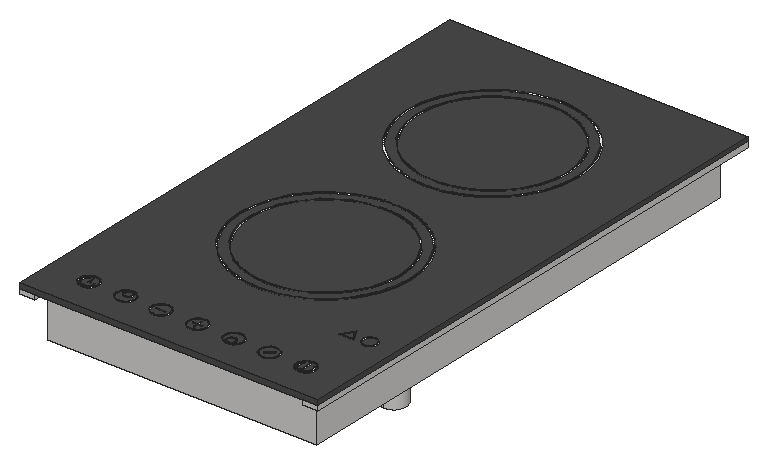
Revit family "QF_Summit_CR2B15T1B_Electric Cooktop", category Specialty Equipment, Revit 2020
Family settings
  Round Connector Dimension = Use Diameter
  Part Type = Normal
  Work Plane-Based = No
  Always vertical = Yes
  Cut with Voids When Loaded = No
  Shared = No
  Room Calculation Point = No
Parameters
  Weight in Pounds = 10
  Watts = Volts * FL Amps  # 2875 W
  Volts = 115 V
  URL Cutsheet = ""
  Specification by User = ""
  Specification by Manufacturer = ""
  Serial Number = ""
  Seismic Rating = ""
  SMACNA No = ""
  Revision Code = ""
  Phase = 1
  Number of Poles = 1
  NAFEM Spec ID Number = ""
  Model = "CR2B15T1B"
  Min Ckt Ampacity = 0 A
  Max Overcurrent Protection = 0 A
  Masterspec = ""
  Manufacturer = "Summit"
  Length = 11 3/8"
  Item Number = ""
  Installed By = ""
  Identify Quantity as Lot = yes
  Height = 2"
  HP = ""
  Furnished By = ""
  Foodservice Equipment Identifier = yes
  FL Amps = 25 A
  Electrical Remarks = ""
  Electric Connection Type = ""
  Elec Conn RI Height = 0"
  Elec Conn Connection Height = 0"
  Description = "Electric Cooktop"
  Depth = 20 1/2"
  Default Elevation = 0"
  Cycle = 60 Hz
  Conn Plug = ""
  Conn Conduit = yes
  CSI MasterFormat = ""
  Apparent Power = if(Phase = 3, Volts * FL Amps * 1.73, Volts * FL Amps)  # 2875 VA
Reference planes (in)
  plane 1 "BACK": y = 0
  plane 2: z = 0
  plane 3 "LEFT": x = 0
  plane 4 "RIGHT": x = 11.375
  plane 5 "FRONT": y = -20.5
  plane 6 "TOP": z = 2
  plane 7 "Center Y": x = 5.6875
  plane 8 "Center X": y = -10.25
  plane 9: z = 1.8125
  plane 10: x = 0.5625
  plane 11: x = 10.8125
  plane 12: y = -19.875
  plane 13: y = -0.625
  plane 14: z = 1.625
Forms (in)
  Extrusion 1, solid, material "QF_Plastic_Black_Smooth"
    sketch origin (-38.39759, -180, 2) x (-1, 0, 0) y (0, -1, 0)
      loop
        line (-38.39759, -180) -> (-38.39759, -159.5) -> (-49.77259, -159.5) -> (-49.77259, -180) -> (-38.39759, -180)
      loop
        circle (-44.08509, -174.93471) r 3.28067
      loop
        circle (-44.08509, -174.93471) r 3.21817
      loop
        circle (-44.08509, -174.93471) r 2.89026
      loop
        circle (-44.08509, -174.93471) r 2.82776
      loop
        circle (-44.08509, -166.96596) r 3.28067
      loop
        circle (-44.08509, -166.96596) r 3.21817
      loop
        circle (-44.08509, -166.96596) r 2.89026
      loop
        circle (-44.08509, -166.96596) r 2.82776
      loop
        circle (-44.08509, -160.86591) r 0.36159
      loop
        circle (-44.08509, -160.86591) r 0.33034
      loop
        circle (-45.47857, -160.86591) r 0.36159
      loop
        circle (-45.47857, -160.86591) r 0.33034
      loop
        circle (-46.82517, -160.86591) r 0.36159
      loop
        circle (-46.82517, -160.86591) r 0.33034
      loop
        circle (-48.22645, -160.86591) r 0.36159
      loop
        circle (-48.22645, -160.86591) r 0.33034
      loop
        circle (-42.69162, -160.86591) r 0.36159
      loop
        circle (-42.69162, -160.86591) r 0.33034
      loop
        circle (-41.34502, -160.86591) r 0.36159
      loop
        circle (-41.34502, -160.86591) r 0.33034
      loop
        circle (-39.94373, -160.86591) r 0.36159
      loop
        circle (-39.94373, -160.86591) r 0.33034
      loop
        circle (-45.47857, -160.73017) r 0.17645
      loop
        circle (-45.47857, -160.73017) r 0.1452
      loop
        circle (-41.34502, -161.00166) r 0.17645
      loop
        circle (-41.34502, -161.00166) r 0.1452
      loop
        arc (-39.81136, -161.11547) -> (-39.75631, -160.65455) -> (-40.20734, -160.76436) r 0.28249
        line (-40.20734, -160.76436) -> (-40.17818, -160.77559)
        arc (-40.17818, -160.77559) -> (-39.77705, -160.67793) -> (-39.826, -161.08787) r 0.25124
        line (-39.826, -161.08787) -> (-39.81136, -161.11547)
      loop
        line (-39.94373, -161.08507) -> (-39.91306, -160.83524) -> (-40.16289, -160.86591) -> (-39.9677, -160.88988) -> (-39.94373, -161.08507)
      loop
        line (-43.90665, -160.88154) -> (-43.90665, -160.85029) -> (-44.06947, -160.85029) -> (-44.06947, -160.68748) -> (-44.10072, -160.68748) -> (-44.10072, -160.85029) -> (-44.26353, -160.85029) -> (-44.26353, -160.88154) -> (-44.10072, -160.88154) -> (-44.10072, -161.04435) -> (-44.06947, -161.04435) -> (-44.06947, -160.88154) -> (-43.90665, -160.88154)
      loop
        line (-42.51318, -160.88154) -> (-42.51318, -160.85029) -> (-42.87006, -160.85029) -> (-42.87006, -160.88154) -> (-42.51318, -160.88154)
      loop
        line (-46.67843, -160.76319) -> (-46.69852, -160.73925) -> (-46.9719, -160.96864) -> (-46.95181, -160.99258) -> (-46.67843, -160.76319)
      loop
        arc (-48.01372, -161.04261) -> (-48.22645, -160.58938) -> (-48.43918, -161.04261) r 0.27654
        line (-48.43918, -161.04261) -> (-48.41514, -161.02264)
        arc (-48.41514, -161.02264) -> (-48.22645, -160.62063) -> (-48.03776, -161.02264) r 0.24529
        line (-48.03776, -161.02264) -> (-48.01372, -161.04261)
      loop
        line (-48.21083, -161.07951) -> (-48.21083, -160.68748) -> (-48.24208, -160.68748) -> (-48.24208, -161.07951) -> (-48.21083, -161.07951)
      loop
        line (-48.02427, -163.51509) -> (-47.73953, -163.03102) -> (-48.30902, -163.03102) -> (-48.02427, -163.51509)
      loop
        line (-47.79416, -163.06227) -> (-48.25438, -163.06227) -> (-48.02427, -163.45345) -> (-47.79416, -163.06227)
      loop
        circle (-48.76646, -163.23739) r 0.2782
      loop
        circle (-48.76646, -163.23739) r 0.24695
    from 0 to -0.1875
  Extrusion 2, solid, material "QF_Plastic_White_Smooth"
    sketch origin (-38.14759, -180, 2) x (-1, 0, 0) y (0, -1, 0)
      loop
        circle (-43.83509, -174.93471) r 3.28067
      loop
        circle (-43.83509, -174.93471) r 3.21817
      loop
        circle (-43.83509, -174.93471) r 2.89026
      loop
        circle (-43.83509, -174.93471) r 2.82776
      loop
        circle (-43.83509, -166.96596) r 3.28067
      loop
        circle (-43.83509, -166.96596) r 3.21817
      loop
        circle (-43.83509, -166.96596) r 2.89026
      loop
        circle (-43.83509, -166.96596) r 2.82776
      loop
        circle (-39.69373, -160.86591) r 0.36159
      loop
        circle (-39.69373, -160.86591) r 0.33034
      loop
        line (-39.95734, -160.76436) -> (-39.92818, -160.77559)
        arc (-39.92818, -160.77559) -> (-39.52705, -160.67793) -> (-39.576, -161.08787) r 0.25124
        line (-39.576, -161.08787) -> (-39.56136, -161.11547)
        arc (-39.56136, -161.11547) -> (-39.50631, -160.65455) -> (-39.95734, -160.76436) r 0.28249
      loop
        line (-39.66306, -160.83524) -> (-39.91289, -160.86591) -> (-39.7177, -160.88988) -> (-39.69373, -161.08507) -> (-39.66306, -160.83524)
      loop
        circle (-41.09502, -160.86591) r 0.36159
      loop
        circle (-41.09502, -160.86591) r 0.33034
      loop
        circle (-41.09502, -161.00166) r 0.17645
      loop
        circle (-41.09502, -161.00166) r 0.1452
      loop
        circle (-42.44162, -160.86591) r 0.36159
      loop
        circle (-42.44162, -160.86591) r 0.33034
      loop
        line (-42.26318, -160.88154) -> (-42.26318, -160.85029) -> (-42.62006, -160.85029) -> (-42.62006, -160.88154) -> (-42.26318, -160.88154)
      loop
        circle (-43.83509, -160.86591) r 0.36159
      loop
        circle (-43.83509, -160.86591) r 0.33034
      loop
        line (-43.65665, -160.88154) -> (-43.65665, -160.85029) -> (-43.81947, -160.85029) -> (-43.81947, -160.68748) -> (-43.85072, -160.68748) -> (-43.85072, -160.85029) -> (-44.01353, -160.85029) -> (-44.01353, -160.88154) -> (-43.85072, -160.88154) -> (-43.85072, -161.04435) -> (-43.81947, -161.04435) -> (-43.81947, -160.88154) -> (-43.65665, -160.88154)
      loop
        circle (-45.22857, -160.86591) r 0.36159
      loop
        circle (-45.22857, -160.86591) r 0.33034
      loop
        circle (-45.22857, -160.73017) r 0.17645
      loop
        circle (-45.22857, -160.73017) r 0.1452
      loop
        circle (-46.57517, -160.86591) r 0.36159
      loop
        circle (-46.57517, -160.86591) r 0.33034
      loop
        line (-46.42843, -160.76319) -> (-46.44852, -160.73925) -> (-46.7219, -160.96864) -> (-46.70181, -160.99258) -> (-46.42843, -160.76319)
      loop
        circle (-47.97645, -160.86591) r 0.36159
      loop
        circle (-47.97645, -160.86591) r 0.33034
      loop
        line (-48.18918, -161.04261) -> (-48.16514, -161.02264)
        arc (-48.16514, -161.02264) -> (-47.97645, -160.62063) -> (-47.78776, -161.02264) r 0.24529
        line (-47.78776, -161.02264) -> (-47.76372, -161.04261)
        arc (-47.76372, -161.04261) -> (-47.97645, -160.58938) -> (-48.18918, -161.04261) r 0.27654
      loop
        line (-47.96083, -160.68748) -> (-47.99208, -160.68748) -> (-47.99208, -161.07951) -> (-47.96083, -161.07951) -> (-47.96083, -160.68748)
      loop
        line (-47.54416, -163.06227) -> (-48.00438, -163.06227) -> (-47.77427, -163.45345) -> (-47.54416, -163.06227)
      loop
        line (-47.77427, -163.51509) -> (-47.48953, -163.03102) -> (-48.05902, -163.03102) -> (-47.77427, -163.51509)
      loop
        circle (-48.51646, -163.23739) r 0.2782
      loop
        circle (-48.51646, -163.23739) r 0.24695
    from 0 to -0.1875
  Extrusion 3, solid, material "QF_Metal_Stainless_Polished"
    sketch origin (-2.73972, -180, 1.8125) x (-1, 0, 0) y (0, -1, 0)
      loop
        line (-3.30222, -159.5) -> (-3.30222, -180) -> (-2.73972, -180) -> (-2.73972, -159.5) -> (-3.30222, -159.5)
      loop
        line (-13.55222, -159.5) -> (-14.11472, -159.5) -> (-14.11472, -180) -> (-13.55222, -180) -> (-13.55222, -159.5)
    from 0 to -0.1875
  Extrusion 4, solid, material "QF_Metal_Stainless_Polished"
    sketch origin (0, 0, 0) x (1, 0, 0) y (0, 1, 0)
      loop
        line (0.5625, -0.625) -> (0.5625, -19.875) -> (10.8125, -19.875) -> (10.8125, -0.625) -> (0.5625, -0.625)
    from 0 to 1.8125
  Extrusion 5, solid, material "QF_Metal_Stainless_Polished"
    sketch origin (0, 0, 0) x (0, 1, 0) y (1, 0, 0)
      loop
        circle (-15.01182, 9.87628) r 0.46561
    from 0 to 1
Lines and regions (in)
  symbolic lines
    curve 1: line (0, 0, 0) -> (0, -20.5, 0)
    curve 2: line (0, -20.5, 0) -> (11.375, -20.5, 0)
    curve 3: line (11.375, -20.5, 0) -> (11.375, 0, 0)
    curve 4: line (11.375, 0, 0) -> (0, 0, 0)
    curve 5: arc (8.96817, -5.06529, 0) -> (5.6875, -1.78463, 0) -> (2.40683, -5.06529, 0) r 3.28067
    curve 6: arc (2.40683, -5.06529, 0) -> (5.6875, -8.34596, 0) -> (8.96817, -5.06529, 0) r 3.28067
    curve 7: arc (2.46933, -5.06529, 0) -> (5.6875, -1.84713, 0) -> (8.90567, -5.06529, 0) r 3.21817
    curve 8: arc (8.90567, -5.06529, 0) -> (5.6875, -8.28346, 0) -> (2.46933, -5.06529, 0) r 3.21817
    curve 9: arc (2.85974, -5.06529, 0) -> (5.6875, -2.23754, 0) -> (8.51526, -5.06529, 0) r 2.82776
    curve 10: arc (8.51526, -5.06529, 0) -> (5.6875, -7.89305, 0) -> (2.85974, -5.06529, 0) r 2.82776
    curve 11: arc (8.57776, -5.06529, 0) -> (5.6875, -2.17504, 0) -> (2.79724, -5.06529, 0) r 2.89026
    curve 12: arc (2.79724, -5.06529, 0) -> (5.6875, -7.95555, 0) -> (8.57776, -5.06529, 0) r 2.89026
    curve 13: arc (8.96817, -13.03404, 0) -> (5.6875, -9.75338, 0) -> (2.40683, -13.03404, 0) r 3.28067
    curve 14: arc (2.40683, -13.03404, 0) -> (5.6875, -16.31471, 0) -> (8.96817, -13.03404, 0) r 3.28067
    curve 15: arc (8.90567, -13.03404, 0) -> (5.6875, -9.81588, 0) -> (2.46933, -13.03404, 0) r 3.21817
    curve 16: arc (2.46933, -13.03404, 0) -> (5.6875, -16.25221, 0) -> (8.90567, -13.03404, 0) r 3.21817
    curve 17: arc (8.57776, -13.03404, 0) -> (5.6875, -10.14379, 0) -> (2.79724, -13.03404, 0) r 2.89026
    curve 18: arc (2.79724, -13.03404, 0) -> (5.6875, -15.9243, 0) -> (8.57776, -13.03404, 0) r 2.89026
    curve 19: arc (2.85974, -13.03404, 0) -> (5.6875, -10.20629, 0) -> (8.51526, -13.03404, 0) r 2.82776
    curve 20: arc (8.51526, -13.03404, 0) -> (5.6875, -15.8618, 0) -> (2.85974, -13.03404, 0) r 2.82776
    curve 21: arc (1.90773, -19.13409, 0) -> (1.54614, -18.7725, 0) -> (1.18455, -19.13409, 0) r 0.36159
    curve 22: arc (1.18455, -19.13409, 0) -> (1.54614, -19.49567, 0) -> (1.90773, -19.13409, 0) r 0.36159
    curve 23: arc (1.2158, -19.13409, 0) -> (1.54614, -18.80375, 0) -> (1.87648, -19.13409, 0) r 0.33034
    curve 24: arc (1.87648, -19.13409, 0) -> (1.54614, -19.46442, 0) -> (1.2158, -19.13409, 0) r 0.33034
    curve 25: arc (1.41377, -18.88453, 0) -> (1.35872, -19.34545, 0) -> (1.80975, -19.23564, 0) r 0.28249
    curve 26: line (1.80975, -19.23564, 0) -> (1.78059, -19.22441, 0)
    curve 27: arc (1.78059, -19.22441, 0) -> (1.37945, -19.32207, 0) -> (1.42841, -18.91213, 0) r 0.25124
    curve 28: line (1.42841, -18.91213, 0) -> (1.41377, -18.88453, 0)
    curve 29: line (1.54614, -18.91493, 0) -> (1.51546, -19.16476, 0)
    curve 30: line (1.51546, -19.16476, 0) -> (1.7653, -19.13409, 0)
    curve 31: line (1.7653, -19.13409, 0) -> (1.57011, -19.11012, 0)
    curve 32: line (1.57011, -19.11012, 0) -> (1.54614, -18.91493, 0)
    curve 33: arc (3.30902, -19.13409, 0) -> (2.94743, -18.7725, 0) -> (2.58584, -19.13409, 0) r 0.36159
    curve 34: arc (2.58584, -19.13409, 0) -> (2.94743, -19.49567, 0) -> (3.30902, -19.13409, 0) r 0.36159
    curve 35: arc (2.61709, -19.13409, 0) -> (2.94743, -18.80375, 0) -> (3.27777, -19.13409, 0) r 0.33034
    curve 36: arc (3.27777, -19.13409, 0) -> (2.94743, -19.46442, 0) -> (2.61709, -19.13409, 0) r 0.33034
    curve 37: arc (3.12387, -18.99834, 0) -> (2.94743, -18.82189, 0) -> (2.77098, -18.99834, 0) r 0.17645
    curve 38: arc (2.77098, -18.99834, 0) -> (2.94743, -19.17478, 0) -> (3.12387, -18.99834, 0) r 0.17645
    curve 39: arc (2.80223, -18.99834, 0) -> (2.94743, -18.85314, 0) -> (3.09262, -18.99834, 0) r 0.1452
    curve 40: arc (3.09262, -18.99834, 0) -> (2.94743, -19.14353, 0) -> (2.80223, -18.99834, 0) r 0.1452
    curve 41: arc (3.96369, -19.13409, 0) -> (4.29403, -18.80375, 0) -> (4.62437, -19.13409, 0) r 0.33034
    curve 42: arc (4.62437, -19.13409, 0) -> (4.29403, -19.46442, 0) -> (3.96369, -19.13409, 0) r 0.33034
    curve 43: arc (4.65562, -19.13409, 0) -> (4.29403, -18.7725, 0) -> (3.93244, -19.13409, 0) r 0.36159
    curve 44: arc (3.93244, -19.13409, 0) -> (4.29403, -19.49567, 0) -> (4.65562, -19.13409, 0) r 0.36159
    curve 45: line (4.47247, -19.11846, 0) -> (4.11559, -19.11846, 0)
    curve 46: line (4.11559, -19.11846, 0) -> (4.11559, -19.14971, 0)
    curve 47: line (4.11559, -19.14971, 0) -> (4.47247, -19.14971, 0)
    curve 48: line (4.47247, -19.14971, 0) -> (4.47247, -19.11846, 0)
    curve 49: arc (6.04909, -19.13409, 0) -> (5.6875, -18.7725, 0) -> (5.32591, -19.13409, 0) r 0.36159
    curve 50: arc (5.32591, -19.13409, 0) -> (5.6875, -19.49567, 0) -> (6.04909, -19.13409, 0) r 0.36159
    curve 51: arc (5.35716, -19.13409, 0) -> (5.6875, -18.80375, 0) -> (6.01784, -19.13409, 0) r 0.33034
    curve 52: arc (6.01784, -19.13409, 0) -> (5.6875, -19.46442, 0) -> (5.35716, -19.13409, 0) r 0.33034
    curve 53: line (5.67187, -19.11846, 0) -> (5.50906, -19.11846, 0)
    curve 54: line (5.50906, -19.11846, 0) -> (5.50906, -19.14971, 0)
    curve 55: line (5.50906, -19.14971, 0) -> (5.67187, -19.14971, 0)
    curve 56: line (5.67187, -19.14971, 0) -> (5.67187, -19.31252, 0)
    curve 57: line (5.67187, -19.31252, 0) -> (5.70312, -19.31252, 0)
    curve 58: line (5.70312, -19.31252, 0) -> (5.70312, -19.14971, 0)
    curve 59: line (5.70312, -19.14971, 0) -> (5.86594, -19.14971, 0)
    curve 60: line (5.86594, -19.14971, 0) -> (5.86594, -19.11846, 0)
    curve 61: line (5.86594, -19.11846, 0) -> (5.70312, -19.11846, 0)
    curve 62: line (5.70312, -19.11846, 0) -> (5.70312, -18.95565, 0)
    curve 63: line (5.70312, -18.95565, 0) -> (5.67187, -18.95565, 0)
    curve 64: line (5.67187, -18.95565, 0) -> (5.67187, -19.11846, 0)
    curve 65: arc (7.25742, -19.26983, 0) -> (7.08097, -19.09339, 0) -> (6.90453, -19.26983, 0) r 0.17645
    curve 66: arc (6.90453, -19.26983, 0) -> (7.08097, -19.44628, 0) -> (7.25742, -19.26983, 0) r 0.17645
    curve 67: arc (6.93578, -19.26983, 0) -> (7.08097, -19.12464, 0) -> (7.22617, -19.26983, 0) r 0.1452
    curve 68: arc (7.22617, -19.26983, 0) -> (7.08097, -19.41503, 0) -> (6.93578, -19.26983, 0) r 0.1452
    curve 69: arc (6.75063, -19.13409, 0) -> (7.08097, -18.80375, 0) -> (7.41131, -19.13409, 0) r 0.33034
    curve 70: arc (7.41131, -19.13409, 0) -> (7.08097, -19.46442, 0) -> (6.75063, -19.13409, 0) r 0.33034
    curve 71: arc (7.44256, -19.13409, 0) -> (7.08097, -18.7725, 0) -> (6.71938, -19.13409, 0) r 0.36159
    curve 72: arc (6.71938, -19.13409, 0) -> (7.08097, -19.49567, 0) -> (7.44256, -19.13409, 0) r 0.36159
    curve 73: arc (8.09723, -19.13409, 0) -> (8.42757, -18.80375, 0) -> (8.75791, -19.13409, 0) r 0.33034
    curve 74: arc (8.75791, -19.13409, 0) -> (8.42757, -19.46442, 0) -> (8.09723, -19.13409, 0) r 0.33034
    curve 75: arc (8.78916, -19.13409, 0) -> (8.42757, -18.7725, 0) -> (8.06598, -19.13409, 0) r 0.36159
    curve 76: arc (8.06598, -19.13409, 0) -> (8.42757, -19.49567, 0) -> (8.78916, -19.13409, 0) r 0.36159
    curve 77: line (8.55422, -19.00742, 0) -> (8.28084, -19.23681, 0)
    curve 78: line (8.28084, -19.23681, 0) -> (8.30092, -19.26075, 0)
    curve 79: line (8.30092, -19.26075, 0) -> (8.57431, -19.03136, 0)
    curve 80: line (8.57431, -19.03136, 0) -> (8.55422, -19.00742, 0)
    curve 81: arc (10.19045, -19.13409, 0) -> (9.82886, -18.7725, 0) -> (9.46727, -19.13409, 0) r 0.36159
    curve 82: arc (9.46727, -19.13409, 0) -> (9.82886, -19.49567, 0) -> (10.19045, -19.13409, 0) r 0.36159
    curve 83: arc (9.49852, -19.13409, 0) -> (9.82886, -18.80375, 0) -> (10.1592, -19.13409, 0) r 0.33034
    curve 84: arc (10.1592, -19.13409, 0) -> (9.82886, -19.46442, 0) -> (9.49852, -19.13409, 0) r 0.33034
    curve 85: arc (9.64017, -18.97736, 0) -> (9.82886, -19.37937, 0) -> (10.01755, -18.97736, 0) r 0.24529
    curve 86: line (10.01755, -18.97736, 0) -> (10.04159, -18.95739, 0)
    curve 87: arc (10.04159, -18.95739, 0) -> (9.82886, -19.41062, 0) -> (9.61613, -18.95739, 0) r 0.27654
    curve 88: line (9.61613, -18.95739, 0) -> (9.64017, -18.97736, 0)
    curve 89: line (9.81323, -18.92049, 0) -> (9.81323, -19.31252, 0)
    curve 90: line (9.81323, -19.31252, 0) -> (9.84448, -19.31252, 0)
    curve 91: line (9.84448, -19.31252, 0) -> (9.84448, -18.92049, 0)
    curve 92: line (9.84448, -18.92049, 0) -> (9.81323, -18.92049, 0)
    curve 93: line (9.62668, -16.48491, 0) -> (9.34193, -16.96898, 0)
    curve 94: line (9.34193, -16.96898, 0) -> (9.91143, -16.96898, 0)
    curve 95: line (9.91143, -16.96898, 0) -> (9.62668, -16.48491, 0)
    curve 96: line (9.62668, -16.54655, 0) -> (9.39657, -16.93773, 0)
    curve 97: line (9.39657, -16.93773, 0) -> (9.85679, -16.93773, 0)
    curve 98: line (9.85679, -16.93773, 0) -> (9.62668, -16.54655, 0)
    curve 99: arc (10.64706, -16.76261, 0) -> (10.36887, -16.48442, 0) -> (10.09067, -16.76261, 0) r 0.2782
    curve 100: arc (10.09067, -16.76261, 0) -> (10.36887, -17.04081, 0) -> (10.64706, -16.76261, 0) r 0.2782
    curve 101: arc (10.12192, -16.76261, 0) -> (10.36887, -16.51567, 0) -> (10.61581, -16.76261, 0) r 0.24695
    curve 102: arc (10.61581, -16.76261, 0) -> (10.36887, -17.00956, 0) -> (10.12192, -16.76261, 0) r 0.24695
Dimensions and locks (in)
  equal spacing: plane 3 "LEFT", plane 7 "Center Y", plane 4 "RIGHT"
  "Length": plane 3 "LEFT" to plane 4 "RIGHT"
  equal spacing: plane 5 "FRONT", plane 8 "Center X", plane 1 "BACK"
  "Depth": plane 5 "FRONT" to plane 1 "BACK"
  "Height": plane 6 "TOP" to level
  plane 3 "LEFT" to plane 4 "RIGHT" = 11 3/8"
  plane 10 to plane 11 = 10 1/4"
  plane 12 to plane 5 "FRONT" = 5/8"
  plane 12 to plane 13 = 19 1/4"
  plane 13 to plane 1 "BACK" = 5/8"
  plane 6 "TOP" to plane 9 = 3/16"
  plane 9 to plane 14 = 3/16"
  plane 6 "TOP" to Extrusion 5 = 3"
  aligned and locked: level to plane 2
Automatic sketch dimensions
  Extrusion 1 sketch curve to Extrusion 1 sketch curve = 0"  (x44)
  plane 1 "BACK" to Extrusion 1 sketch curve = 0"
  Extrusion 1 sketch curve to plane 4 "RIGHT" = 0"
  Extrusion 1 sketch curve to plane 7 "Center Y" = 0"  (x3)
  Extrusion 1 sketch curve to plane 3 "LEFT" = 0"
  plane 5 "FRONT" to Extrusion 1 sketch curve = 0"
  Extrusion 1 sketch curve to plane 11 = 0.77091"
  Extrusion 1 sketch curve to Extrusion 1 sketch curve = 0.02404"  (x2)
  Extrusion 1 sketch curve to Extrusion 1 sketch curve = 0.17307"  (x2)
  Extrusion 1 sketch curve to Extrusion 1 sketch curve = 1/32"  (x4)
  plane 12 to Extrusion 1 sketch curve = 0.84364"
  Extrusion 1 sketch curve to Extrusion 1 sketch curve = 1.04182"
  plane 12 to Extrusion 1 sketch curve = 0.86758"
  Extrusion 1 sketch curve to Extrusion 1 sketch curve = 0.02009"
  Extrusion 1 sketch curve to Extrusion 1 sketch curve = 0.12665"
  plane 12 to Extrusion 1 sketch curve = 0.61425"
  Extrusion 1 sketch curve to Extrusion 1 sketch curve = 1.19986"
  plane 7 "Center Y" to Extrusion 1 sketch curve = 0.17844"
  plane 7 "Center Y" to Extrusion 1 sketch curve = 1/64"  (x2)
  Extrusion 1 sketch curve to plane 7 "Center Y" = 1/64"  (x2)
  Extrusion 1 sketch curve to Extrusion 1 sketch curve = 0.16281"  (x3)
  Extrusion 1 sketch curve to Extrusion 1 sketch curve = 1.03659"
  Extrusion 1 sketch curve to Extrusion 1 sketch curve = 0.17844"  (x3)
  Extrusion 1 sketch curve to Extrusion 1 sketch curve = 1.16816"
  Extrusion 1 sketch curve to Extrusion 1 sketch curve = 1.13768"
  Extrusion 1 sketch curve to Extrusion 1 sketch curve = 0.02916"
  Extrusion 1 sketch curve to Extrusion 1 sketch curve = 0.01529"
  Extrusion 1 sketch curve to Extrusion 1 sketch curve = 0.19519"  (x2)
  Extrusion 1 sketch curve to Extrusion 1 sketch curve = 0.02397"  (x3)
  Extrusion 1 sketch curve to Extrusion 1 sketch curve = 0.03068"  (x2)
  Extrusion 1 sketch curve to Extrusion 1 sketch curve = 0.11773"
  Extrusion 1 sketch curve to Extrusion 1 sketch curve = 0.01464"
  plane 13 to Extrusion 1 sketch curve = 4.44029"
  Extrusion 1 sketch curve to plane 8 "Center X" = 2.78404"
  plane 12 to Extrusion 1 sketch curve = 0.99047"
  Extrusion 1 sketch curve to Extrusion 1 sketch curve = 0.02761"
  Extrusion 1 sketch curve to Extrusion 1 sketch curve = 0.00279"
  plane 12 to Extrusion 1 sketch curve = 0.91935"
  plane 12 to Extrusion 1 sketch curve = 0.95451"
  Extrusion 1 sketch curve to Extrusion 1 sketch curve = 0.03691"
  Extrusion 1 sketch curve to Extrusion 1 sketch curve = 0.01997"
  plane 12 to Extrusion 1 sketch curve = 0.87666"
  plane 12 to Extrusion 1 sketch curve = 0.75654"
  Extrusion 1 sketch curve to Extrusion 1 sketch curve = 0.13575"  (x2)
  Extrusion 1 sketch curve to Extrusion 1 sketch curve = 0.09032"
  Extrusion 1 sketch curve to Extrusion 1 sketch curve = 0.2136"
  Extrusion 1 sketch curve to Extrusion 1 sketch curve = 1/64"  (x5)
  plane 12 to Extrusion 1 sketch curve = 0.74091"
  Extrusion 1 sketch curve to Extrusion 1 sketch curve = 0.10273"
  Extrusion 3 sketch curve to plane 4 "RIGHT" = 0"
  plane 1 "BACK" to Extrusion 3 sketch curve = 0"  (x2)
  Extrusion 3 sketch curve to plane 11 = 0"
  Extrusion 3 sketch curve to plane 10 = 0"
  Extrusion 3 sketch curve to plane 3 "LEFT" = 0"
  plane 5 "FRONT" to Extrusion 3 sketch curve = 0"  (x2)
  Extrusion 4 sketch curve to plane 10 = 0"
  Extrusion 4 sketch curve to plane 11 = 0"
  Extrusion 4 sketch curve to plane 12 = 0"
  plane 13 to Extrusion 4 sketch curve = 0"
  Extrusion 2 sketch curve to Extrusion 2 sketch curve = 0"  (x44)
  Extrusion 2 sketch curve to plane 7 "Center Y" = 0"  (x3)
  plane 7 "Center Y" to Extrusion 2 sketch curve = 1/64"  (x2)
  Extrusion 2 sketch curve to Extrusion 2 sketch curve = 0.16281"  (x4)
  Extrusion 2 sketch curve to Extrusion 2 sketch curve = 1.21503"
  plane 12 to Extrusion 2 sketch curve = 0.63819"
  Extrusion 2 sketch curve to Extrusion 2 sketch curve = 1.19986"
  plane 12 to Extrusion 2 sketch curve = 0.61425"
  Extrusion 2 sketch curve to Extrusion 2 sketch curve = 0.02009"
  Extrusion 2 sketch curve to Extrusion 2 sketch curve = 0.14674"
  plane 12 to Extrusion 2 sketch curve = 0.86758"
  Extrusion 2 sketch curve to plane 11 = 1.47057"
  Extrusion 2 sketch curve to Extrusion 2 sketch curve = 0.05464"  (x2)
  Extrusion 2 sketch curve to Extrusion 2 sketch curve = 1.04182"
  Extrusion 2 sketch curve to Extrusion 2 sketch curve = 0.23011"  (x2)
  Extrusion 2 sketch curve to Extrusion 2 sketch curve = 0.02404"  (x2)
  Extrusion 2 sketch curve to Extrusion 2 sketch curve = 0.17307"  (x2)
  Extrusion 2 sketch curve to Extrusion 2 sketch curve = 1/64"  (x5)
  Extrusion 2 sketch curve to Extrusion 2 sketch curve = 1/32"  (x12)
  Extrusion 2 sketch curve to plane 11 = 0.44363"
  Extrusion 2 sketch curve to plane 7 "Center Y" = 1/64"  (x2)
  Extrusion 2 sketch curve to Extrusion 2 sketch curve = 1.03659"
  Extrusion 2 sketch curve to Extrusion 2 sketch curve = 0.17844"  (x3)
  Extrusion 2 sketch curve to Extrusion 2 sketch curve = 1.16816"
  Extrusion 2 sketch curve to Extrusion 2 sketch curve = 1.13768"
  plane 12 to Extrusion 2 sketch curve = 0.65059"
  Extrusion 2 sketch curve to Extrusion 2 sketch curve = 0.02916"
  Extrusion 2 sketch curve to Extrusion 2 sketch curve = 0.01529"
  Extrusion 2 sketch curve to Extrusion 2 sketch curve = 0.19519"
  Extrusion 2 sketch curve to Extrusion 2 sketch curve = 0.02397"  (x3)
  Extrusion 2 sketch curve to Extrusion 2 sketch curve = 0.03068"  (x2)
  Extrusion 2 sketch curve to Extrusion 2 sketch curve = 0.11773"
  Extrusion 2 sketch curve to Extrusion 2 sketch curve = 0.01464"
  plane 12 to Extrusion 2 sketch curve = 0.87666"
  plane 12 to Extrusion 2 sketch curve = 0.89764"
  Extrusion 2 sketch curve to Extrusion 2 sketch curve = 0.01997"
  plane 12 to Extrusion 2 sketch curve = 0.91935"
  Extrusion 2 sketch curve to Extrusion 2 sketch curve = 0.05687"
  Extrusion 2 sketch curve to Extrusion 2 sketch curve = 0.30948"
  Extrusion 2 sketch curve to Extrusion 2 sketch curve = 0.00279"
  Extrusion 2 sketch curve to Extrusion 2 sketch curve = 0.02761"
  Extrusion 2 sketch curve to Extrusion 2 sketch curve = 1.95151"
  Extrusion 2 sketch curve to Extrusion 2 sketch curve = 0.20637"
  Extrusion 2 sketch curve to Extrusion 2 sketch curve = 0.39119"
  Extrusion 2 sketch curve to Extrusion 2 sketch curve = 0.06163"
  Extrusion 2 sketch curve to plane 8 "Center X" = 2.78404"
  plane 13 to Extrusion 2 sketch curve = 4.44029"
  plane 12 to Extrusion 2 sketch curve = 0.75654"
  Extrusion 2 sketch curve to Extrusion 2 sketch curve = 0.13575"  (x2)
  Extrusion 2 sketch curve to Extrusion 2 sketch curve = 0.09032"
  Extrusion 2 sketch curve to Extrusion 2 sketch curve = 0.2136"
  plane 12 to Extrusion 2 sketch curve = 0.74091"
  Extrusion 2 sketch curve to Extrusion 2 sketch curve = 0.10273"
  Extrusion 2 sketch curve to Extrusion 2 sketch curve = 0.1519"
  Extrusion 2 sketch curve to Extrusion 2 sketch curve = 0.36159"  (x2)
  Extrusion 2 sketch curve to Extrusion 2 sketch curve = 0.17645"  (x2)
  Extrusion 2 sketch curve to Extrusion 2 sketch curve = 55/256"
  Extrusion 2 sketch curve to plane 11 = 2.29724"  (x2)
  Extrusion 2 sketch curve to Extrusion 2 sketch curve = 1/16"  (x4)
  Extrusion 2 sketch curve to Extrusion 2 sketch curve = 0.32791"  (x2)
  Extrusion 2 sketch curve to Extrusion 2 sketch curve = 0.14886"
  Extrusion 2 sketch curve to Extrusion 2 sketch curve = 0.18315"
  Extrusion 2 sketch curve to Extrusion 2 sketch curve = 0.09798"
  Extrusion 1 sketch curve to plane 11 = 0.90107"
  Extrusion 1 sketch curve to Extrusion 1 sketch curve = 0.28475"  (x2)
  Extrusion 1 sketch curve to Extrusion 1 sketch curve = 2.43558"
  Extrusion 1 sketch curve to Extrusion 1 sketch curve = 0.48407"
  Extrusion 1 sketch curve to Extrusion 1 sketch curve = 0.05464"  (x2)
  Extrusion 1 sketch curve to Extrusion 1 sketch curve = 0.06163"
  Extrusion 1 sketch curve to plane 11 = 0.44363"
  Extrusion 1 sketch curve to Extrusion 1 sketch curve = 0.20637"
  Extrusion 1 sketch curve to plane 11 = 0.16544"
  Extrusion 4 to Extrusion 5 sketch curve = 0.93622"
  Extrusion 4 to Extrusion 5 sketch curve = 4.86318"
  curve 1 to plane 3 "LEFT" = 0"
  plane 1 "BACK" to curve 3 = 0"
  curve 3 to plane 4 "RIGHT" = 0"
  plane 5 "FRONT" to curve 1 = 0"
  curve 6 to plane 10 = 1.84433"
  curve 6 to plane 7 "Center Y" = 0"
  plane 13 to curve 6 = 4.44029"
  curve 5 to curve 7 = 0"  (x2)
  curve 5 to curve 8 = 1/16"
  curve 5 to curve 9 = 0"  (x2)
  curve 7 to curve 9 = 0.39041"
  curve 5 to curve 11 = 0"  (x2)
  curve 11 to curve 9 = 1/16"
  curve 14 to plane 7 "Center Y" = 0"
  curve 14 to plane 8 "Center X" = 2.78404"
  curve 13 to plane 10 = 1.84433"
  curve 13 to curve 15 = 0"  (x2)
  curve 13 to curve 16 = 1/16"
  curve 13 to curve 17 = 0"  (x2)
  curve 15 to curve 17 = 0.32791"
  curve 13 to curve 19 = 0"  (x2)
  curve 17 to curve 20 = 1/16"
  curve 22 to plane 10 = 0.98364"
  plane 12 to curve 22 = 0.74091"
  curve 21 to curve 21 = 0.36159"
  curve 21 to curve 23 = 0"  (x2)
  curve 21 to curve 24 = 1/32"
  curve 21 to curve 25 = 0"  (x2)
  curve 21 to curve 27 = 0"  (x2)
  curve 28 to curve 21 = 0.13237"
  curve 25 to curve 28 = 0.01464"
  curve 26 to curve 24 = 0.09589"
  plane 12 to curve 26 = 0.63936"
  curve 27 to curve 26 = 0.02916"
  curve 25 to curve 26 = 0.01123"
  curve 30 to curve 25 = 0.03068"
  curve 27 to curve 29 = 0.11773"
  curve 21 to curve 32 = 0.02397"
  curve 30 to curve 27 = 0.01529"
  curve 29 to curve 25 = 0.03068"
  curve 27 to curve 30 = 0.09032"
  curve 21 to curve 31 = 0.02397"
  curve 29 to curve 27 = 0.00279"
  curve 21 to curve 33 = 1.0397"
  plane 12 to curve 33 = 0.74091"
  curve 34 to curve 33 = 0.36159"
  curve 33 to curve 35 = 0"  (x2)
  curve 33 to curve 35 = 1/32"
  curve 38 to curve 33 = 0"
  curve 33 to curve 38 = 0.13575"
  curve 37 to curve 37 = 0.17645"
  curve 37 to curve 39 = 0"  (x2)
  curve 37 to curve 39 = 1/32"
  curve 33 to curve 42 = 0.98501"
  plane 12 to curve 41 = 0.74091"
  curve 41 to curve 41 = 0.33034"
  curve 41 to curve 43 = 0"  (x2)
  curve 43 to curve 41 = 1/32"
  curve 42 to curve 47 = 0.1519"
  curve 45 to curve 41 = 0.1519"
  curve 46 to curve 42 = 1/64"
  curve 46 to curve 45 = 1/32"
  curve 49 to plane 7 "Center Y" = 0"
  plane 12 to curve 49 = 0.74091"
  curve 50 to curve 49 = 0.36159"
  curve 49 to curve 51 = 0"  (x2)
  curve 49 to curve 52 = 1/32"
  curve 52 to curve 54 = 0.1519"
  curve 56 to plane 7 "Center Y" = 1/64"
  curve 63 to plane 7 "Center Y" = 1/64"
  plane 7 "Center Y" to curve 62 = 1/64"
  plane 7 "Center Y" to curve 57 = 1/64"
  curve 61 to curve 51 = 0.1519"
  curve 58 to curve 49 = 0.17844"
  curve 59 to curve 52 = 1/64"
  curve 56 to curve 49 = 1/64"
  curve 49 to curve 53 = 1/64"
  curve 49 to curve 62 = 1/64"
  curve 53 to curve 64 = 0.16281"
  curve 49 to curve 66 = 1.03188"
  plane 12 to curve 65 = 0.60517"
  curve 66 to curve 65 = 0.17645"
  curve 65 to curve 67 = 0"  (x2)
  curve 65 to curve 67 = 1/32"
  curve 69 to curve 65 = 0"
  curve 65 to curve 69 = 0.13575"
  curve 69 to curve 65 = 0.15389"
  curve 69 to curve 71 = 0"  (x2)
  curve 72 to curve 69 = 1/32"
  curve 71 to curve 73 = 0.98501"
  plane 12 to curve 73 = 0.74091"
  curve 74 to curve 73 = 0.33034"
  curve 73 to curve 75 = 0"  (x2)
  curve 76 to curve 73 = 1/32"
  plane 12 to curve 77 = 0.63819"
  curve 77 to curve 73 = 0.14674"
  plane 12 to curve 78 = 0.61425"
  curve 77 to curve 78 = 0.02009"
  plane 12 to curve 77 = 0.86758"
  curve 82 to plane 11 = 0.98364"
  plane 12 to curve 82 = 0.74091"
  curve 81 to curve 81 = 0.36159"
  curve 81 to curve 83 = 0"  (x2)
  curve 81 to curve 83 = 1/32"
  curve 81 to curve 85 = 0"  (x2)
  curve 81 to curve 87 = 0"  (x2)
  curve 83 to curve 88 = 0.11761"
  curve 87 to curve 88 = 0.02404"
  curve 86 to curve 83 = 0.14165"
  curve 86 to curve 86 = 0.02404"
  curve 83 to curve 86 = 0.15672"
  curve 85 to curve 88 = 0.01997"
  curve 90 to curve 85 = 1/64"
  curve 89 to curve 90 = 1/32"
  curve 91 to curve 85 = 0.17844"
  curve 86 to curve 91 = 0.05687"
  curve 93 to plane 11 = 1.47057"
  curve 94 to curve 93 = 0.28475"
  curve 93 to curve 94 = 0.28475"
  curve 88 to curve 93 = 1.98841"
  curve 94 to curve 95 = 0.48407"
  curve 93 to curve 97 = 0.05464"
  curve 98 to curve 93 = 0"
  curve 97 to curve 94 = 0.05464"
  curve 93 to curve 96 = 1/32"
  curve 98 to curve 93 = 0.06163"
  curve 99 to plane 11 = 0.44363"
  curve 94 to curve 100 = 0.20637"
  curve 94 to curve 100 = 0.17924"
  curve 99 to curve 101 = 0"  (x2)
  curve 99 to curve 102 = 1/32"
  radius of Extrusion 1 sketch curve = 3.28067"  (x2)
  radius of Extrusion 1 sketch curve = 3.21817"  (x2)
  radius of Extrusion 1 sketch curve = 2.89026"  (x2)
  radius of Extrusion 1 sketch curve = 2.82776"  (x2)
  radius of Extrusion 1 sketch curve = 0.36159"  (x7)
  radius of Extrusion 1 sketch curve = 0.33034"  (x7)
  radius of Extrusion 1 sketch curve = 0.17645"  (x2)
  radius of Extrusion 1 sketch curve = 0.1452"  (x2)
  radius of Extrusion 2 sketch curve = 0.2782"
  radius of Extrusion 2 sketch curve = 0.24695"
  radius of Extrusion 5 sketch curve = 0.46561"
Connectors (in)
  electrical at (9.87628, -15.01182, -1), driven by "Volts", driven by "Watts"
    settings: on Extrusion 5, index 1, voltage 115 V, apparent load 2875 VA, apparent load phase1 0 VA, apparent load phase2 0 VA, apparent load phase3 0 VA, power factor 1, load classification "Other", number of poles 1, system type 30, power factor state 1, is connector primary yes, connector utility no, sub classification motor no, connector description "Electrical Connection"
